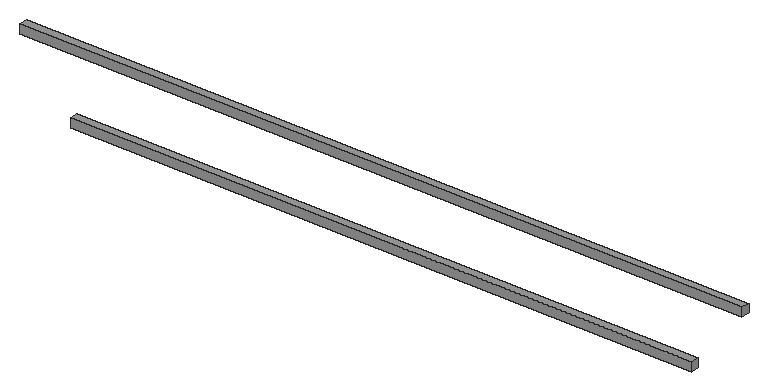
Revit family
Parameters (values of type "(2) 38x89 Chord")
  Keynote = "G"
  Chord Depth = 88.90 mm
  Chord Width = 76.20 mm
  Depth = 762.00 mm
  Length [instance] = 7315.20 mm
Types (3, lengths in mm): name | Chord Depth | Chord Width | Depth | Length
  (no name) | 88.90 | 76.20 | 762.00 | 7315.20
  38x89 Chord | 38.10 | 88.90 | 609.60 | 6096.00
  (2) 38x89 Chord | 88.90 | 76.20 | 762.00 | 7315.20
Reference planes
  plane 1 "Axis": y = 0
  plane 2 "Insertion Plane": z = 0
  plane 3 "Center": x = 1015.206
  plane 4 "Left": x = -2642.394
  plane 5 "Right": x = 4672.806
  plane 6: x = -2032.794
  plane 7: x = -1423.194
  plane 8: x = -813.594
  plane 9: x = -203.994
  plane 10: x = 405.606
  plane 11: x = 1624.806
  plane 12: x = 2234.406
  plane 13: x = 2844.006
  plane 14: x = 3453.606
  plane 15: x = 4063.206
  plane 16 "Top or Bottom - CHANGE": z = -762
  plane 17: y = -38.1
  plane 18: y = 38.1
  plane 19: z = -88.9
  plane 20: z = -673.1
  plane 21: x = -2134.394
  plane 22: x = 4164.806
Forms (mm)
  Extrusion 1, solid, material "Wood - Dimensional Lumber"
    sketch origin (0, 0, 0) x (0, 1, 0) y (0, 0, 1)
      loop
        line (-38.1, -88.9) -> (38.1, -88.9) -> (38.1, 0) -> (-38.1, 0) -> (-38.1, -88.9)
    from -2642.394 to 4672.806
  Extrusion 2, solid, material "Wood - Dimensional Lumber"
    sketch origin (0, 0, 0) x (0, 1, 0) y (0, 0, 1)
      loop
        line (-38.1, -762) -> (38.1, -762) -> (38.1, -673.1) -> (-38.1, -673.1) -> (-38.1, -762)
    from -2134.394 to 4164.806
Lines and regions (mm)
  symbolic lines
    curve 1: line (-2540.794, 0, 0) -> (4571.206, 0, 0)
  model lines, style "Wood Projection"
    curve 2: line (-1423.194, 0, -88.9) -> (-813.594, 0, -673.1)
  model lines
    curve 3: line (-813.594, 0, -673.1) -> (-203.994, 0, -88.9)
    curve 4: line (-203.994, 0, -88.9) -> (405.606, 0, -673.1)
    curve 5: line (405.606, 0, -673.1) -> (1015.206, 0, -88.9)
    curve 6: line (1015.206, 0, -88.9) -> (1624.806, 0, -673.1)
    curve 7: line (1624.806, 0, -673.1) -> (2234.406, 0, -88.9)
    curve 8: line (2234.406, 0, -88.9) -> (2844.006, 0, -673.1)
    curve 9: line (2844.006, 0, -673.1) -> (3453.606, 0, -88.9)
    curve 10: line (3453.606, 0, -88.9) -> (4063.206, 0, -673.1)
    curve 11: line (4063.206, 0, -673.1) -> (4368.006, 0, -88.9)
    curve 12: line (-1423.194, 0, -88.9) -> (-2032.794, 0, -673.1)
    curve 13: line (-2032.794, 0, -673.1) -> (-2337.594, 0, -88.9)
Dimensions and locks
  "Length": plane 4 "Left" to plane 5 "Right"
  equal spacing: plane 4 "Left", plane 6, plane 7, plane 8, plane 9, plane 10, plane 3 "Center", plane 11, plane 12, plane 13, plane 14, plane 15, plane 5 "Right"
  equal spacing: plane 17, plane 1 "Axis", plane 18
  "Chord Width": plane 17 to plane 18
  "Chord Depth": plane 2 "Insertion Plane" to plane 19
  "Chord Depth": plane 16 "Top or Bottom - CHANGE" to plane 20
  plane 21 to plane 6 = 101.60 mm
  plane 15 to plane 22 = 101.60 mm
  equal spacing: plane 15, curve 11, plane 5 "Right"
  "Depth": plane 2 "Insertion Plane" to plane 16 "Top or Bottom - CHANGE"
  equal spacing: plane 4 "Left", curve 13, plane 6
  aligned and locked: plane 1 "Axis" to curve 1
  aligned and locked: curve 1 to plane 1 "Axis"
  aligned and locked: plane 17 to Extrusion 1 sketch curve
  aligned and locked: plane 2 "Insertion Plane" to Extrusion 1 sketch curve
  aligned and locked: plane 16 "Top or Bottom - CHANGE" to Extrusion 2 sketch curve
  aligned and locked: plane 18 to Extrusion 2 sketch curve
  aligned and locked: Extrusion 2 sketch curve to plane 18
  aligned and locked: Extrusion 2 to plane 22
  aligned and locked: plane 21 to Extrusion 2
  aligned and locked: plane 4 "Left" to Extrusion 1
  aligned and locked: Extrusion 1 to plane 5 "Right"
Automatic sketch dimensions
  curve 1 to plane 4 "Left" = 101.60 mm
  plane 5 "Right" to curve 1 = 101.60 mm
  Extrusion 1 sketch curve to plane 18 = 0.00 mm
  Extrusion 1 sketch curve to plane 19 = 0.00 mm
  Extrusion 2 sketch curve to plane 17 = 0.00 mm
  Extrusion 2 sketch curve to plane 20 = 0.00 mm
  curve 13 to plane 19 = 0.00 mm
  curve 13 to plane 6 = 0.00 mm
  curve 2 to plane 7 = 0.00 mm
  curve 3 to plane 8 = 0.00 mm
  curve 3 to plane 9 = 0.00 mm
  curve 4 to plane 10 = 0.00 mm
  curve 5 to plane 3 "Center" = 0.00 mm
  curve 7 to plane 11 = 0.00 mm
  curve 7 to plane 12 = 0.00 mm
  curve 8 to plane 13 = 0.00 mm
  curve 10 to plane 14 = 0.00 mm
  curve 11 to plane 15 = 0.00 mm
  curve 7 to plane 20 = 0.00 mm
  curve 2 to plane 20 = 0.00 mm
  curve 12 to plane 20 = 0.00 mm
  curve 4 to plane 20 = 0.00 mm
  curve 8 to plane 20 = 0.00 mm
  curve 11 to plane 20 = 0.00 mm
  curve 4 to plane 19 = 0.00 mm
  curve 6 to plane 19 = 0.00 mm
  curve 9 to plane 19 = 0.00 mm
  curve 2 to plane 19 = 0.00 mm
  curve 11 to plane 19 = 0.00 mm
  curve 7 to plane 19 = 0.00 mm
